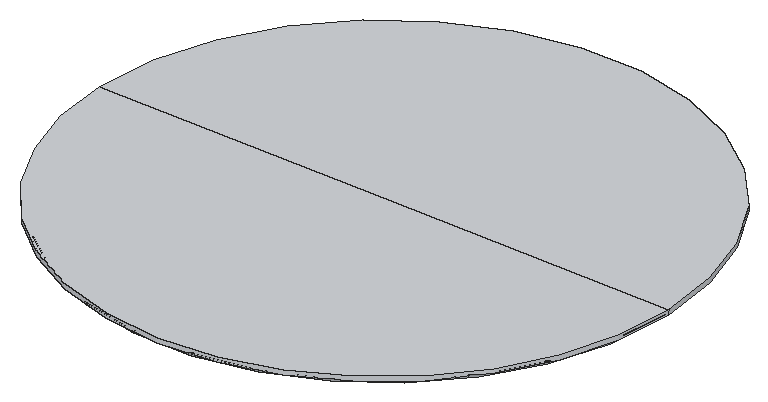
Revit family "OracDecor_R24", category Обобщенные модели, Revit 2019
Family settings
  Может служить основой для арматурных стержней = Нет
  Размер круглого соединителя = Использовать диаметр
  Тип детали = Нормальный
  На основе рабочей плоскости = Нет
  Всегда вертикально = Да
  При загрузке вырезать с полостями = Нет
  Общий = Нет
  Точка расчета площади = Нет
Parameters
  Изготовитель = "Family from POCHERTEAM"  # constant formula
  URL = "t.me/pocherteam"
Reference planes
  plane 1 "По центру (Вперед/Назад)": y = 0
  plane 2: z = 0
  plane 3 "По центру (Влево/Вправо)": x = 0
Forms (mm)
  Revolve 1, solid
    sketch origin (0, 0, 0) x (1, 0, 0) y (0, 0, 1)
      loop
        line (0, 0) -> (0, -60) -> (39.387, -60)
        arc (39.387, -60) -> (59.303, -37.919) -> (83.644, -55) r 22.436
        line (83.644, -55) -> (98.644, -55)
        arc (98.644, -55) -> (100.584, -45.311) -> (110.273, -43.371) r 8.91
        arc (110.273, -43.371) -> (163.889, -30.955) -> (218.252, -22.382) r 773.754
        arc (218.252, -22.382) -> (302.35, -16.566) -> (386.556, -12.604) r 3825.824
        arc (386.556, -12.604) -> (389.829, -8.089) -> (395, -6) r 10.096
        line (395, -6) -> (395, 0) -> (0, 0)
      axis (0, 0) -> (0, -60)
    angle from 0 to 360
Dimensions and locks
  Revolve 1 to Revolve 1 = 790 mm
  level to Revolve 1 = 60 mm
  Revolve 1 to Revolve 1 = 6 mm
  aligned and locked: level to plane 2
